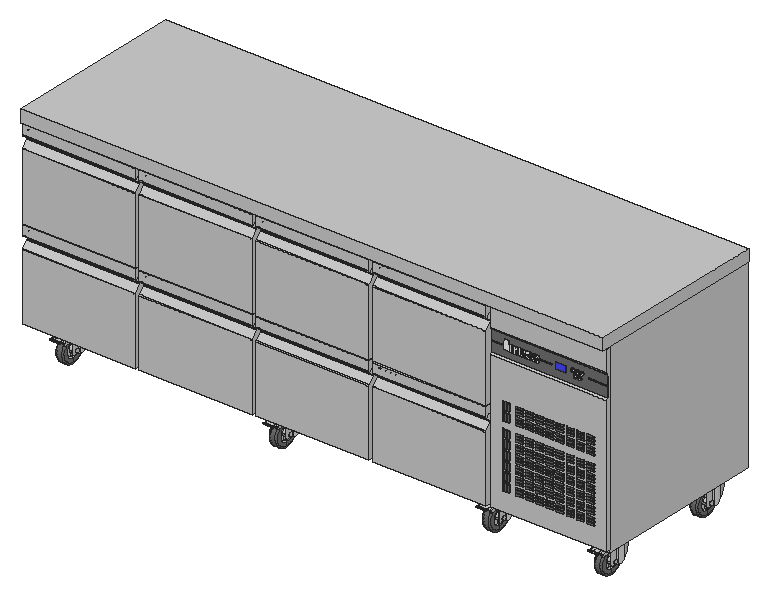
Revit family "QF_INOMAK_PNRP9999_250611031516", category Specialty Equipment, Revit 2021
Family settings
  Round Connector Dimension = Use Diameter
  Part Type = Normal
  OmniClass Number = 23.40.40.14
  OmniClass Title = Food Service Equipment
  Work Plane-Based = No
  Always vertical = Yes
  Cut with Voids When Loaded = No
  Shared = No
  Room Calculation Point = No
Parameters (values of type "PNRP9999")
  Weight [instance] = 162.00 kg
  Warranty Start Date [instance] = ""
  Warranty Duration [instance] = ""
  Volts [instance] = 230 V
  Volt Free Conn [instance] = no
  URL Recommended Spares List [instance] = ""
  URL Manufacturer [instance] = ""
  URL Cutsheet [instance] = ""
  URL Critical Spares List [instance] = ""
  URL = "www.inomak.com"
  Technical Documentation [instance] = ""
  Tag Number [instance] = ""
  Status [instance] = ""
  Start Up Current [instance] = 0 A
  Specification by User [instance] = ""
  Specification by Manufacturer [instance] = ""
  Sound Level [instance] = ""
  Show Logo [instance] = yes
  Show Clearances [instance] = yes
  Service Life Duration [instance] = ""
  Serial Number [instance] = ""
  Seismic Rating [instance] = ""
  SMACNA No [instance] = ""
  Revision Code [instance] = ""
  Revision [instance] = ""
  Production Year [instance] = ""
  Potential Equalisation [instance] = no
  Point Load [instance] = 0
  Phase [instance] = 1
  Other Equipment Approvals [instance] = ""
  Operational Current [instance] = 0 A
  Number of Poles [instance] = 2
  No Load Power Draw [instance] = no
  NAFEM Spec ID Number [instance] = ""
  Model Warning [instance] = ""
  Model = "PNRP9999"
  Min Ckt Ampacity [instance] = 0 A
  Max Overcurrent Protection [instance] = 10 A
  Masterspec [instance] = ""
  Manufacturer = "INOMAK"
  Main switch integrated [instance] = no
  Length Actual [instance] = 2242 mm
  Item Number [instance] = ""
  Installed By [instance] = ""
  Installation Date [instance] = ""
  Identify Quantity as Lot [instance] = no
  ID [instance] = ""
  Hygiene Approval [instance] = ""
  Height Actual [instance] = 900 mm
  HP power [instance] = ""
  Furnished By [instance] = ""
  Foodservice Equipment Identifier [instance] = no
  FL Amps [instance] = 1.94 A
  Electrical Remarks [instance] = ""
  Electric power [instance] = 450 W
  Electric Connection Type [instance] = ""
  Elec Conn RI Height [instance] = 0 mm
  Elec Conn Connection Height [instance] = 0 mm
  ETL Approved [instance] = no
  Description = "PINE REFRIGERATED COUNTER WITH 4 GN 1/1 DOORS"
  Depth Actual [instance] = 700 mm
  Default Elevation = 0 mm
  Cycle [instance] = 50 Hz
  Cost = 0
  Connection to energy optimisation system [instance] = yes
  Conn Plug [instance] = ""
  Conn Conduit [instance] = no
  Centralized building control system with digital interface [instance] = ""
  CSI MasterFormat [instance] = ""
  CE Approved [instance] = no
  Barcode [instance] = 0
  Author [instance] = ""
  Asset Identifier [instance] = ""
  Apparent Power [instance] = 450 VA
  Accessory [instance] = no
Reference planes
  plane 1 "Center (Front/Back)": y = 0
  plane 2: z = 0
  plane 3 "Center (Left/Right)": x = 0
Forms (mm)
  Extrusion 1, solid, not visible
    sketch origin (1835.09, -100.005, 132.006) x (1, 0, 0) y (0, 1, 0)
      loop
        line (-2, 2) -> (-2, -2) -> (2, -2) -> (2, 2) -> (-2, 2)
    from -2 to 2
Dimensions and locks
  locked: nested 2 to Extrusion 1 at 2  (x2)
  aligned and locked: level to plane 2
Nested families
  nested 1: "QF_INOMAK_REF_COUNTERS_2240_2920" at (0, 0, 130), type "PNRP9999"
    with Weight 162.00 kg, Warranty Start Date "", Warranty Duration "", URL Cutsheet "", Technical Documentation "", Tag Number "", Status "", Specification by User "", Specification by Manufacturer "", Sound Level "", Solid Fuel Type "", Show Clearances yes, Show Clearance yes, Service Life Duration "", Serial Number "", Seismic Rating "", SMACNA No "", Revision Code "", Revision "", Production Year "", Point Load 0, Other Equipment Approvals "", NAFEM Spec ID Number "", Model Warning "", Masterspec "", Length Actual 2242 mm, Item Number "", Installed By "", Installation Date "", Identify Quantity as Lot yes, ID "", Hygiene Approval "", Height Actual 900 mm, Furnished By "", Foodservice Equipment Identifier yes, Finish none, ETL Approved yes, Depth Actual 700 mm, CSI MasterFormat "", CE Approved yes, Barcode "", Author "", Asset Identifier "", Accessory no
  nested 2: "CONN_POINT_ELE_2D___Generic_Annotation" at (1835.09, -100.005, 130.006), type "CONN_POINT_ELE_2D___Generic_Annotation"
    with Onboard connection annotation symbol visibility yes
  nested 3: "QF_INOMAK_REF_COUNTERS_DOORS_DRAWERS_6956" at (0, -700, 130), type "DW-2-710"
    with Weight 0.00 kg, Warranty Start Date "", Warranty Duration "", URL Cutsheet "", Top inset 10 mm, Technical Documentation "", Tag Number "", Status "", Specification by User "", Specification by Manufacturer "", Sound Level "", Solid Fuel Type "", Show Logo yes, Show Clearances yes, Service Life Duration "", Serial Number "", Seismic Rating "", SMACNA No "", Right panel thickness 0 mm, Revision Code "", Revision "", Rear inset 0 mm, Production Year "", Point Load 0, Plinth height 0 mm, Other Equipment Approvals "", NAFEM Spec ID Number "", Model Warning "", Masterspec "", Length Actual 435 mm, Left panel thickness 0 mm, Item Number "", Installed By "", Installation Date "", Identify Quantity as Lot yes, ID "", Hygiene Approval "", Height Actual 710 mm, Furnished By "", Front inset 10 mm, Foodservice Equipment Identifier yes, Finish none, ETL Approved yes, Doors drawers type 4, Depth Actual 80 mm, CSI MasterFormat "", CE Approved yes, Bottom inset 10 mm, Barcode "", Author "", Asset Identifier "", Accessory yes
  nested 4: "QF_INOMAK_REF_COUNTERS_DOORS_DRAWERS_16448" at (450, -700, 130), type "DW-2-710"
    with Weight 0.00 kg, Warranty Start Date "", Warranty Duration "", URL Cutsheet "", Top inset 10 mm, Technical Documentation "", Tag Number "", Status "", Specification by User "", Specification by Manufacturer "", Sound Level "", Solid Fuel Type "", Show Logo yes, Show Clearances yes, Service Life Duration "", Serial Number "", Seismic Rating "", SMACNA No "", Right panel thickness 0 mm, Revision Code "", Revision "", Rear inset 0 mm, Production Year "", Point Load 0, Plinth height 0 mm, Other Equipment Approvals "", NAFEM Spec ID Number "", Model Warning "", Masterspec "", Length Actual 435 mm, Left panel thickness 0 mm, Item Number "", Installed By "", Installation Date "", Identify Quantity as Lot yes, ID "", Hygiene Approval "", Height Actual 710 mm, Furnished By "", Front inset 10 mm, Foodservice Equipment Identifier yes, Finish none, ETL Approved yes, Doors drawers type 4, Depth Actual 80 mm, CSI MasterFormat "", CE Approved yes, Bottom inset 10 mm, Barcode "", Author "", Asset Identifier "", Accessory yes
  nested 5: "QF_INOMAK_REF_COUNTERS_DOORS_DRAWERS_25919" at (900, -700, 130), type "DW-2-710"
    with Weight 0.00 kg, Warranty Start Date "", Warranty Duration "", URL Cutsheet "", Top inset 10 mm, Technical Documentation "", Tag Number "", Status "", Specification by User "", Specification by Manufacturer "", Sound Level "", Solid Fuel Type "", Show Logo yes, Show Clearances yes, Service Life Duration "", Serial Number "", Seismic Rating "", SMACNA No "", Right panel thickness 0 mm, Revision Code "", Revision "", Rear inset 0 mm, Production Year "", Point Load 0, Plinth height 0 mm, Other Equipment Approvals "", NAFEM Spec ID Number "", Model Warning "", Masterspec "", Length Actual 435 mm, Left panel thickness 0 mm, Item Number "", Installed By "", Installation Date "", Identify Quantity as Lot yes, ID "", Hygiene Approval "", Height Actual 710 mm, Furnished By "", Front inset 10 mm, Foodservice Equipment Identifier yes, Finish none, ETL Approved yes, Doors drawers type 4, Depth Actual 80 mm, CSI MasterFormat "", CE Approved yes, Bottom inset 10 mm, Barcode "", Author "", Asset Identifier "", Accessory yes
  nested 6: "QF_INOMAK_REF_COUNTERS_DOORS_DRAWERS_35390" at (1350, -700, 130), type "DW-2-710"
    with Weight 0.00 kg, Warranty Start Date "", Warranty Duration "", URL Cutsheet "", Top inset 10 mm, Technical Documentation "", Tag Number "", Status "", Specification by User "", Specification by Manufacturer "", Sound Level "", Solid Fuel Type "", Show Logo yes, Show Clearances yes, Service Life Duration "", Serial Number "", Seismic Rating "", SMACNA No "", Right panel thickness 0 mm, Revision Code "", Revision "", Rear inset 0 mm, Production Year "", Point Load 0, Plinth height 0 mm, Other Equipment Approvals "", NAFEM Spec ID Number "", Model Warning "", Masterspec "", Length Actual 435 mm, Left panel thickness 0 mm, Item Number "", Installed By "", Installation Date "", Identify Quantity as Lot yes, ID "", Hygiene Approval "", Height Actual 710 mm, Furnished By "", Front inset 10 mm, Foodservice Equipment Identifier yes, Finish none, ETL Approved yes, Doors drawers type 4, Depth Actual 80 mm, CSI MasterFormat "", CE Approved yes, Bottom inset 10 mm, Barcode "", Author "", Asset Identifier "", Accessory yes
  nested 7: "QF_INOMAK_REF_COUNTERS_WORKTOPS_44861" at (0, 0, 840), type "WTWT-2240-700"
    with Worktop without backsplash yes, Worktop with backsplash no, Worktop type 3, Worktop thickness 46 mm, Without worktop no, Weight 0.00 kg, Warranty Start Date "", Warranty Duration "", URL Cutsheet "", Technical Documentation "", Tag Number "", Status "", Specification by User "", Specification by Manufacturer "", Sound Level "", Solid Fuel Type "", Show Logo yes, Show Clearances yes, Service Life Duration "", Serial Number "", Seismic Rating "", SMACNA No "", Revision Code "", Revision "", Production Year "", Point Load 0, Other Equipment Approvals "", NAFEM Spec ID Number "", Model Warning "", Masterspec "", Length Actual 2242 mm, Item Number "", Installed By "", Installation Date "", Identify Quantity as Lot yes, ID "", Hygiene Approval "", Height Actual 46 mm, Height AFF 0 mm, Furnished By "", Foodservice Equipment Identifier yes, Finish none, ETL Approved yes, Depth Actual 700 mm, CSI MasterFormat "", CE Approved yes, Barcode "", Backsplash thickness 20 mm, Backsplash height 60 mm, Author "", Asset Identifier "", Accessory yes
  nested 8: "QF_INOMAK_REF_COUNTERS_CASTORS_46688" at (0, 0, 0), type "CT-2240-700"
    with Weight 0.00 kg, Warranty Start Date "", Warranty Duration "", URL Cutsheet "", Technical Documentation "", Tag Number "", Status "", Specification by User "", Specification by Manufacturer "", Sound Level "", Solid Fuel Type "", Show Logo yes, Show Clearances yes, Service Life Duration "", Serial Number "", Seismic Rating "", SMACNA No "", Revision Code "", Revision "", Production Year "", Point Load 0, Other Equipment Approvals "", NAFEM Spec ID Number "", Model Warning "", Masterspec "", Length Actual 2242 mm, Item Number "", Installed By "", Installation Date "", Identify Quantity as Lot yes, ID "", Hygiene Approval "", Height Actual 130 mm, Furnished By "", Foodservice Equipment Identifier yes, ETL Approved yes, Depth Actual 700 mm, CSI MasterFormat "", CE Approved yes, Barcode "", Author "", Asset Identifier "", Accessory yes
Connectors
  electrical at (1835.09, -100.005, 130.006), driven by "Apparent Power", driven by "Number of Poles", driven by "Volts"
    settings: on Extrusion 1, index 1, voltage 230 V, apparent load 0 VA, apparent load phase1 450 VA, apparent load phase2 0 VA, apparent load phase3 0 VA, power factor 1, load classification "Other", number of poles 2, system type 31, power factor state 1, is connector primary yes, connector utility no, sub classification motor no, connector description "Electrical connection for PNRP9999"
Definition of nested family "QF_INOMAK_REF_COUNTERS_2240_2920"
  Parameters (values of type "PNRP9999")
    Weight [instance] = 0.00 kg
    Warranty Start Date [instance] = ""
    Warranty Duration [instance] = ""
    URL Cutsheet [instance] = ""
    URL = "www.inomak.com"
    Technical Documentation [instance] = ""
    Tag Number [instance] = ""
    Status [instance] = ""
    Specification by User [instance] = ""
    Specification by Manufacturer [instance] = ""
    Sound Level [instance] = ""
    Solid Fuel Type [instance] = ""
    Show Logo = yes
    Show Clearances [instance] = yes
    Show Clearance [instance] = yes
    Service Life Duration [instance] = ""
    Serial Number [instance] = ""
    Seismic Rating [instance] = ""
    SMACNA No [instance] = ""
    Revision Code [instance] = ""
    Revision [instance] = ""
    Production Year [instance] = ""
    Point Load [instance] = 0
    Other Equipment Approvals [instance] = ""
    NAFEM Spec ID Number [instance] = ""
    Model Warning [instance] = ""
    Model = "PNRP9999"
    Masterspec [instance] = ""
    Manufacturer = "INOMAK"
    Length Actual [instance] = 0 mm
    Length = 2242 mm
    Item Number [instance] = ""
    Installed By [instance] = ""
    Installation Date [instance] = ""
    Identify Quantity as Lot [instance] = yes
    ID [instance] = ""
    Hygiene Approval [instance] = ""
    Height Actual [instance] = 0 mm
    Height = 710 mm
    Furnished By [instance] = ""
    Foodservice Equipment Identifier [instance] = yes
    Finish [instance] = none
    ETL Approved [instance] = yes
    Description = "PINE REFRIGERATED COUNTER WITH 4 GN 1/1 DOORS"
    Depth Actual [instance] = 0 mm
    Depth = 700 mm
    Default Elevation = 0 mm
    CSI MasterFormat [instance] = ""
    CE Approved [instance] = yes
    Barcode [instance] = ""
    Author [instance] = ""
    Asset Identifier [instance] = ""
    Assembly Code = "E1090320"
    Accessory [instance] = yes
  Types (2, lengths in mm): name | Model | Description | Depth
    PNRP9999 | "PNRP9999" | "PINE REFRIGERATED COUNTER WITH 4 GN 1/1 DOORS" | 700
    PMRP9999 | "PMRP9999" | "CLOVER CHILLER COUNTER WITH 4 DOORS, COMPACT DIMENSIONS" | 600
  Reference planes
    plane 1 "Back": y = 0
    plane 2: z = 0
    plane 3 "Left": x = 0
    plane 4 "Right": x = 2242
    plane 5 "Front": y = -700
    plane 6 "Top": z = 710
  Forms (mm)
    Extrusion 1, solid, material <- "Finish"
      sketch origin (0, 0, 0) x (1, 0, 0) y (0, 1, 0)
        loop
          line (0, -648) -> (30, -648) -> (30, -30) -> (1767, -30) -> (1767, -648) -> (1797, -648) -> (1797, -665) -> (2242, -665) -> (2242, 0) -> (0, 0) -> (0, -648)
      from 0 to 710
    Extrusion 2, solid, material <- "Finish"
      sketch origin (0, 0, 0) x (1, 0, 0) y (0, 1, 0)
        loop
          line (30, -30) -> (30, -648) -> (1767, -648) -> (1767, -30) -> (30, -30)
      from 0 to 45
    Extrusion 3, solid, material <- "Finish"
      sketch origin (0, 0, 710) x (0, 1, 0) y (-1, 0, 0)
        loop
          line (-30, -30) -> (-648, -30) -> (-648, -1767) -> (-30, -1767) -> (-30, -30)
      from 0 to -30
    Extrusion 4, solid, material <- "Finish"
      sketch origin (2242, 0, 0) x (0, -1, 0) y (0, 0, 1)
        loop
          line (683.05, 705) -> (665, 705) -> (665, 10) -> (683.05, 10) -> (683.05, 532.058) -> (676.05, 539.058) -> (676.05, 618.864) -> (683.05, 625.864) -> (683.05, 705)
      from 0 to 445
    Extrusion 5, solid
      sketch origin (0, -700, 0) x (-1, 0, 0) y (0, 0, 1)
        loop
          circle (-2108.654, 586.73) r 6.965
        loop
          circle (-2125.685, 586.73) r 6.965
        loop
          circle (-2142.694, 586.73) r 6.965
        loop
          circle (-2117.18, 568.729) r 6.965
        loop
          circle (-2134.189, 568.729) r 6.965
        loop
          circle (-2108.654, 586.73) r 3.965
        loop
          circle (-2125.685, 586.73) r 3.965
        loop
          circle (-2142.694, 586.73) r 3.965
        loop
          circle (-2117.18, 568.729) r 3.965
        loop
          circle (-2134.189, 568.729) r 3.965
      from 23 to 25.5
    Extrusion 6, solid
      sketch origin (0, -700, 0) x (-1, 0, 0) y (0, 0, 1)
        loop
          line (-2080.865, 590.461) -> (-2080.865, 567.461) -> (-2040.865, 567.461) -> (-2040.865, 590.461) -> (-2080.865, 590.461)
      from 23 to 25.5
    Extrusion 7, solid
      sketch origin (0, -700, 0) x (-1, 0, 0) y (0, 0, 1)
        loop
          line (-1797, 618.864) -> (-2242, 618.864) -> (-2242, 539.058) -> (-1797, 539.058) -> (-1797, 618.864)
      from 23.5 to 25.5
    Extrusion 8, solid, visible <- "Show Logo"
      sketch origin (0, -700, 0) x (-1, 0, 0) y (0, 0, 1)
        loop
          line (-1841.061, 591.01) -> (-1847.061, 591.01) -> (-1847.061, 602.118) -> (-1861.298, 602.118) -> (-1861.298, 591.01) -> (-1867.298, 591.01) -> (-1867.298, 564.76) -> (-1841.061, 564.76) -> (-1841.061, 591.01)
        loop
          line (-1871.613, 590.698) -> (-1878.903, 590.698) -> (-1878.903, 564.76) -> (-1871.613, 564.76) -> (-1871.613, 590.698)
        loop
          line (-1881.422, 564.76) -> (-1881.422, 590.698) -> (-1888.256, 590.698) -> (-1891.449, 578.78) -> (-1891.449, 590.698) -> (-1897.982, 590.698) -> (-1897.982, 564.76) -> (-1891.449, 564.76) -> (-1887.735, 578.623) -> (-1887.735, 564.76) -> (-1881.422, 564.76)
        loop
          line (-1918.664, 564.76) -> (-1918.664, 590.698) -> (-1927.626, 590.698) -> (-1929.988, 576.688) -> (-1932.35, 590.698) -> (-1941.312, 590.698) -> (-1941.312, 564.76) -> (-1934.687, 564.76) -> (-1934.687, 578.623) -> (-1932.35, 564.76) -> (-1927.626, 564.76) -> (-1925.289, 578.623) -> (-1925.289, 564.76) -> (-1918.664, 564.76)
        loop
          line (-1903.851, 590.698) -> (-1913.176, 590.698)
          arc (-1913.176, 590.698) -> (-1915.773, 589.622) -> (-1916.849, 587.026) r 3.672
          line (-1916.849, 587.026) -> (-1916.849, 568.433)
          arc (-1916.849, 568.433) -> (-1915.773, 565.836) -> (-1913.176, 564.76) r 3.672
          line (-1913.176, 564.76) -> (-1903.851, 564.76)
          arc (-1903.851, 564.76) -> (-1901.255, 565.836) -> (-1900.179, 568.433) r 3.672
          line (-1900.179, 568.433) -> (-1900.179, 587.026)
          arc (-1900.179, 587.026) -> (-1901.255, 589.622) -> (-1903.851, 590.698) r 3.672
        loop
          arc (-1907.487, 587.542) -> (-1908.514, 588.569) -> (-1909.541, 587.542) r 1.027
          line (-1909.541, 587.542) -> (-1909.541, 568.949)
          arc (-1909.541, 568.949) -> (-1908.514, 567.922) -> (-1907.487, 568.949) r 1.027
          line (-1907.487, 568.949) -> (-1907.487, 587.542)
        loop
          line (-1942.382, 564.76) -> (-1946.755, 590.698) -> (-1955.615, 590.698) -> (-1959.988, 564.76) -> (-1953.461, 564.76) -> (-1952.852, 569.723) -> (-1949.518, 569.723) -> (-1948.909, 564.76) -> (-1942.382, 564.76)
        loop
          line (-1950.074, 574.252) -> (-1951.185, 583.299) -> (-1952.296, 574.252) -> (-1950.074, 574.252)
        loop
          line (-1960.954, 564.76) -> (-1960.954, 590.698) -> (-1967.579, 590.698) -> (-1967.579, 581.585) -> (-1970.365, 590.698) -> (-1977.803, 590.698) -> (-1973.474, 579.422) -> (-1978.522, 564.76) -> (-1970.939, 564.76) -> (-1967.579, 577.3) -> (-1967.579, 564.76) -> (-1960.954, 564.76)
      from 23 to 25.5
    Extrusion 9, solid
      sketch origin (0, -700, 0) x (-1, 0, 0) y (0, 0, 1)
        loop
          line (-1797, 580.961) -> (-1833.995, 580.961) -> (-1833.995, 576.961) -> (-1797, 576.961) -> (-1797, 580.961)
        loop
          line (-1982, 580.961) -> (-2026.365, 580.961) -> (-2026.365, 576.961) -> (-1982, 576.961) -> (-1982, 580.961)
        loop
          line (-2242, 580.961) -> (-2242, 576.961) -> (-2168.755, 576.961) -> (-2168.755, 580.961) -> (-2242, 580.961)
      from 23 to 25.5
  Cuts and joins
    joined: Extrusion 1, Extrusion 2, Extrusion 3
  Lines and regions (mm)
    symbolic lines, visible <- "Show Clearance"
      curve 1: line (0, 0, 0) -> (2242, 0, 0)
      curve 2: line (2242, 0, 0) -> (2242, -700, 0)
      curve 3: line (2242, -700, 0) -> (0, -700, 0)
      curve 4: line (0, -700, 0) -> (0, 0, 0)
  Dimensions and locks
    "Length": plane 3 "Left" to plane 4 "Right"
    "Depth": plane 5 "Front" to plane 1 "Back"
    "Height": plane 6 "Top" to plane 2
    aligned and locked: level to plane 2
    aligned and locked: plane 6 "Top" to Extrusion 1
    aligned and locked: nested 1 to plane 4 "Right"
    aligned and locked: plane 5 "Front" to nested 1
    aligned and locked: plane 5 "Front" to curve 3
  Automatic sketch dimensions
    plane 3 "Left" to Extrusion 2 sketch curve = 30 mm
    plane 4 "Right" to Extrusion 2 sketch curve = 475 mm
    plane 1 "Back" to Extrusion 2 sketch curve = 30 mm
    plane 1 "Back" to Extrusion 3 sketch curve = 30 mm
    plane 4 "Right" to Extrusion 3 sketch curve = 475 mm
    plane 3 "Left" to Extrusion 3 sketch curve = 30 mm
    Extrusion 1 sketch curve to plane 3 "Left" = 0 mm
    plane 1 "Back" to Extrusion 1 sketch curve = 0 mm
    Extrusion 1 sketch curve to plane 4 "Right" = 0 mm
    plane 3 "Left" to Extrusion 1 sketch curve = 30 mm
    plane 1 "Back" to Extrusion 1 sketch curve = 30 mm
    plane 4 "Right" to Extrusion 1 sketch curve = 475 mm
    Extrusion 1 sketch curve to Extrusion 1 sketch curve = 30 mm
    plane 5 "Front" to Extrusion 1 sketch curve = 35 mm
    plane 5 "Front" to Extrusion 1 sketch curve = 52 mm
    Extrusion 1 sketch curve to Extrusion 1 sketch curve = 17 mm
    plane 5 "Front" to Extrusion 2 sketch curve = 52 mm
    plane 5 "Front" to Extrusion 3 sketch curve = 52 mm
    Extrusion 4 sketch curve to plane 6 "Top" = 5 mm
    plane 5 "Front" to Extrusion 4 sketch curve = 35 mm
    plane 5 "Front" to Extrusion 4 sketch curve = 23.95 mm
    Extrusion 4 sketch curve to Extrusion 4 sketch curve = 7 mm  (x4)
    Extrusion 4 sketch curve to Extrusion 4 sketch curve = 79.136 mm
    Extrusion 4 sketch curve to Extrusion 4 sketch curve = 79.807 mm
    level to Extrusion 4 sketch curve = 10 mm
    Extrusion 5 sketch curve to Extrusion 5 sketch curve = 0 mm  (x13)
    plane 4 "Right" to Extrusion 5 sketch curve = 99.306 mm
    Extrusion 5 sketch curve to Extrusion 5 sketch curve = 8.505 mm
    Extrusion 5 sketch curve to Extrusion 5 sketch curve = 17.009 mm  (x2)
    Extrusion 5 sketch curve to Extrusion 5 sketch curve = 17.03 mm
    Extrusion 5 sketch curve to plane 6 "Top" = 141.271 mm
    Extrusion 5 sketch curve to Extrusion 5 sketch curve = 18.001 mm
    plane 4 "Right" to Extrusion 6 sketch curve = 161.135 mm
    Extrusion 6 sketch curve to Extrusion 6 sketch curve = 40 mm
    Extrusion 6 sketch curve to plane 6 "Top" = 142.539 mm
    Extrusion 6 sketch curve to Extrusion 6 sketch curve = 23 mm
    plane 4 "Right" to Extrusion 7 sketch curve = 0 mm
    Extrusion 7 sketch curve to plane 6 "Top" = 170.942 mm
    plane 4 "Right" to Extrusion 7 sketch curve = 445 mm
    Extrusion 7 sketch curve to Extrusion 7 sketch curve = 79.807 mm
    plane 4 "Right" to Extrusion 8 sketch curve = 263.478 mm
    Extrusion 8 sketch curve to Extrusion 8 sketch curve = 0.72 mm
    Extrusion 8 sketch curve to plane 6 "Top" = 130.578 mm
    Extrusion 8 sketch curve to Extrusion 8 sketch curve = 4.329 mm
    Extrusion 8 sketch curve to Extrusion 8 sketch curve = 7.584 mm
    Extrusion 8 sketch curve to plane 6 "Top" = 119.302 mm  (x2)
    Extrusion 8 sketch curve to Extrusion 8 sketch curve = 7.438 mm
    Extrusion 8 sketch curve to plane 6 "Top" = 132.7 mm
    Extrusion 8 sketch curve to Extrusion 8 sketch curve = 5.895 mm
    Extrusion 8 sketch curve to plane 6 "Top" = 128.415 mm
    Extrusion 8 sketch curve to Extrusion 8 sketch curve = 0 mm  (x11)
    Extrusion 8 sketch curve to Extrusion 8 sketch curve = 6.625 mm  (x2)
    Extrusion 8 sketch curve to Extrusion 8 sketch curve = 0.965 mm
    Extrusion 8 sketch curve to Extrusion 8 sketch curve = 5.338 mm
    Extrusion 8 sketch curve to Extrusion 8 sketch curve = 6.527 mm  (x2)
    Extrusion 8 sketch curve to plane 6 "Top" = 140.277 mm
    Extrusion 8 sketch curve to Extrusion 8 sketch curve = 0.609 mm
    Extrusion 8 sketch curve to plane 6 "Top" = 135.748 mm
    Extrusion 8 sketch curve to Extrusion 8 sketch curve = 0.556 mm
    Extrusion 8 sketch curve to plane 6 "Top" = 126.701 mm
    Extrusion 8 sketch curve to Extrusion 8 sketch curve = 4.43 mm  (x2)
    Extrusion 8 sketch curve to Extrusion 8 sketch curve = 2.222 mm
    Extrusion 8 sketch curve to Extrusion 8 sketch curve = 3.334 mm
    Extrusion 8 sketch curve to Extrusion 8 sketch curve = 4.552 mm
    Extrusion 8 sketch curve to plane 6 "Top" = 145.24 mm  (x2)
    Extrusion 8 sketch curve to Extrusion 8 sketch curve = 1.069 mm
    Extrusion 8 sketch curve to plane 6 "Top" = 131.377 mm  (x2)
    Extrusion 8 sketch curve to Extrusion 8 sketch curve = 8.962 mm  (x2)
    Extrusion 8 sketch curve to Extrusion 8 sketch curve = 2.337 mm
    Extrusion 8 sketch curve to plane 6 "Top" = 133.312 mm
    Extrusion 8 sketch curve to Extrusion 8 sketch curve = 4.699 mm  (x2)
    Extrusion 8 sketch curve to Extrusion 8 sketch curve = 4.724 mm  (x2)
    Extrusion 8 sketch curve to Extrusion 8 sketch curve = 1.815 mm
    Extrusion 8 sketch curve to Extrusion 8 sketch curve = 3.672 mm  (x8)
    Extrusion 8 sketch curve to Extrusion 8 sketch curve = 3.636 mm  (x3)
    Extrusion 8 sketch curve to Extrusion 8 sketch curve = 1.027 mm
    Extrusion 8 sketch curve to Extrusion 8 sketch curve = 2.197 mm
    Extrusion 8 sketch curve to Extrusion 8 sketch curve = 6.532 mm  (x2)
    Extrusion 8 sketch curve to Extrusion 8 sketch curve = 3.194 mm
    Extrusion 8 sketch curve to Extrusion 8 sketch curve = 3.714 mm
    Extrusion 8 sketch curve to Extrusion 8 sketch curve = 6.312 mm
    Extrusion 8 sketch curve to Extrusion 8 sketch curve = 2.52 mm
    Extrusion 8 sketch curve to Extrusion 8 sketch curve = 7.29 mm
    Extrusion 8 sketch curve to Extrusion 8 sketch curve = 4.315 mm
    Extrusion 8 sketch curve to Extrusion 8 sketch curve = 6 mm
    Extrusion 8 sketch curve to Extrusion 8 sketch curve = 14.237 mm
    Extrusion 8 sketch curve to Extrusion 8 sketch curve = 26.237 mm
    Extrusion 8 sketch curve to Extrusion 8 sketch curve = 14.661 mm
    Extrusion 8 sketch curve to Extrusion 8 sketch curve = 4.963 mm
    Extrusion 8 sketch curve to Extrusion 8 sketch curve = 0.516 mm  (x2)
    Extrusion 8 sketch curve to Extrusion 8 sketch curve = 13.862 mm
    Extrusion 8 sketch curve to Extrusion 8 sketch curve = 0.157 mm
    Extrusion 8 sketch curve to Extrusion 8 sketch curve = 26.25 mm
    Extrusion 8 sketch curve to Extrusion 8 sketch curve = 0.312 mm
    Extrusion 8 sketch curve to Extrusion 8 sketch curve = 11.107 mm
    plane 4 "Right" to Extrusion 9 sketch curve = 0 mm
    plane 4 "Right" to Extrusion 9 sketch curve = 73.245 mm
    Extrusion 9 sketch curve to Extrusion 9 sketch curve = 142.39 mm
    Extrusion 9 sketch curve to Extrusion 9 sketch curve = 44.365 mm
    Extrusion 9 sketch curve to Extrusion 9 sketch curve = 148.005 mm
    Extrusion 9 sketch curve to Extrusion 9 sketch curve = 36.995 mm
    Extrusion 9 sketch curve to plane 6 "Top" = 133.039 mm  (x3)
    Extrusion 9 sketch curve to Extrusion 9 sketch curve = 4 mm  (x3)
    plane 1 "Back" to curve 1 = 0 mm
    curve 1 to plane 3 "Left" = 0 mm
    curve 2 to plane 4 "Right" = 0 mm
    radius of Extrusion 5 sketch curve = 6.965 mm  (x5)
    radius of Extrusion 5 sketch curve = 3.965 mm  (x5)
  Nested families
    nested 1: "QF_INOMAK_CONRTOL-PANEL" at (2242, 0, 0), type "PNRP9999"
      with Show Clearance yes
  Definition of nested family "QF_INOMAK_CONRTOL-PANEL"
    Parameters (values of type "PNRP9999")
      URL = ""
      Show Logo = yes
      Show Clearance [instance] = yes
      Model = ""
      Manufacturer = ""
      Length = 0 mm
      Height = 710 mm
      Front offset = 80 mm
      Description = ""
      Depth = 700 mm
      Default Elevation = 0 mm
      Assembly Code = ""
    Reference planes
      plane 1 "Back": y = 0
      plane 2: z = 0
      plane 3 "Left": x = 0
      plane 4 "Right": x = 0
      plane 5 "Front": y = -700
      plane 6 "Top": z = 710
      plane 7 "Front offset": y = -620
    Forms (mm)
      Extrusion 1, solid
        sketch origin (-2240, -700, 0) x (-1, 0, 0) y (0, 0, 1)
          loop
            arc (-2191.4, 389.855) -> (-2194.4, 386.855) -> (-2191.4, 383.855) r 3
            line (-2191.4, 383.855) -> (-2167.4, 383.855)
            arc (-2167.4, 383.855) -> (-2164.4, 386.855) -> (-2167.4, 389.855) r 3
            line (-2167.4, 389.855) -> (-2191.4, 389.855)
          loop
            arc (-2152.4, 389.855) -> (-2155.4, 386.855) -> (-2152.4, 383.855) r 3
            line (-2152.4, 383.855) -> (-2128.4, 383.855)
            arc (-2128.4, 383.855) -> (-2125.4, 386.855) -> (-2128.4, 389.855) r 3
            line (-2128.4, 389.855) -> (-2152.4, 389.855)
          loop
            arc (-2113.4, 389.855) -> (-2116.4, 386.855) -> (-2113.4, 383.855) r 3
            line (-2113.4, 383.855) -> (-2089.4, 383.855)
            arc (-2089.4, 383.855) -> (-2086.4, 386.855) -> (-2089.4, 389.855) r 3
            line (-2089.4, 389.855) -> (-2113.4, 389.855)
          loop
            arc (-2074.4, 389.855) -> (-2077.4, 386.855) -> (-2074.4, 383.855) r 3
            line (-2074.4, 383.855) -> (-2050.4, 383.855)
            arc (-2050.4, 383.855) -> (-2047.4, 386.855) -> (-2050.4, 389.855) r 3
            line (-2050.4, 389.855) -> (-2074.4, 389.855)
          loop
            arc (-2035.4, 389.855) -> (-2038.4, 386.855) -> (-2035.4, 383.855) r 3
            line (-2035.4, 383.855) -> (-2011.4, 383.855)
            arc (-2011.4, 383.855) -> (-2008.4, 386.855) -> (-2011.4, 389.855) r 3
            line (-2011.4, 389.855) -> (-2035.4, 389.855)
          loop
            arc (-1996.4, 389.855) -> (-1999.4, 386.855) -> (-1996.4, 383.855) r 3
            line (-1996.4, 383.855) -> (-1972.4, 383.855)
            arc (-1972.4, 383.855) -> (-1969.4, 386.855) -> (-1972.4, 389.855) r 3
            line (-1972.4, 389.855) -> (-1996.4, 389.855)
          loop
            arc (-1957.4, 389.855) -> (-1960.4, 386.855) -> (-1957.4, 383.855) r 3
            line (-1957.4, 383.855) -> (-1933.4, 383.855)
            arc (-1933.4, 383.855) -> (-1930.4, 386.855) -> (-1933.4, 389.855) r 3
            line (-1933.4, 389.855) -> (-1957.4, 389.855)
          loop
            arc (-1918.4, 389.855) -> (-1921.4, 386.855) -> (-1918.4, 383.855) r 3
            line (-1918.4, 383.855) -> (-1894.4, 383.855)
            arc (-1894.4, 383.855) -> (-1891.4, 386.855) -> (-1894.4, 389.855) r 3
            line (-1894.4, 389.855) -> (-1918.4, 389.855)
          loop
            arc (-2191.4, 378.855) -> (-2194.4, 375.855) -> (-2191.4, 372.855) r 3
            line (-2191.4, 372.855) -> (-2167.4, 372.855)
            arc (-2167.4, 372.855) -> (-2164.4, 375.855) -> (-2167.4, 378.855) r 3
            line (-2167.4, 378.855) -> (-2191.4, 378.855)
          loop
            arc (-2152.4, 378.855) -> (-2155.4, 375.855) -> (-2152.4, 372.855) r 3
            line (-2152.4, 372.855) -> (-2128.4, 372.855)
            arc (-2128.4, 372.855) -> (-2125.4, 375.855) -> (-2128.4, 378.855) r 3
            line (-2128.4, 378.855) -> (-2152.4, 378.855)
          loop
            arc (-2113.4, 378.855) -> (-2116.4, 375.855) -> (-2113.4, 372.855) r 3
            line (-2113.4, 372.855) -> (-2089.4, 372.855)
            arc (-2089.4, 372.855) -> (-2086.4, 375.855) -> (-2089.4, 378.855) r 3
            line (-2089.4, 378.855) -> (-2113.4, 378.855)
          loop
            arc (-2074.4, 378.855) -> (-2077.4, 375.855) -> (-2074.4, 372.855) r 3
            line (-2074.4, 372.855) -> (-2050.4, 372.855)
            arc (-2050.4, 372.855) -> (-2047.4, 375.855) -> (-2050.4, 378.855) r 3
            line (-2050.4, 378.855) -> (-2074.4, 378.855)
          loop
            arc (-2035.4, 378.855) -> (-2038.4, 375.855) -> (-2035.4, 372.855) r 3
            line (-2035.4, 372.855) -> (-2011.4, 372.855)
            arc (-2011.4, 372.855) -> (-2008.4, 375.855) -> (-2011.4, 378.855) r 3
            line (-2011.4, 378.855) -> (-2035.4, 378.855)
          loop
            arc (-1996.4, 378.855) -> (-1999.4, 375.855) -> (-1996.4, 372.855) r 3
            line (-1996.4, 372.855) -> (-1972.4, 372.855)
            arc (-1972.4, 372.855) -> (-1969.4, 375.855) -> (-1972.4, 378.855) r 3
            line (-1972.4, 378.855) -> (-1996.4, 378.855)
          loop
            arc (-1957.4, 378.855) -> (-1960.4, 375.855) -> (-1957.4, 372.855) r 3
            line (-1957.4, 372.855) -> (-1933.4, 372.855)
            arc (-1933.4, 372.855) -> (-1930.4, 375.855) -> (-1933.4, 378.855) r 3
            line (-1933.4, 378.855) -> (-1957.4, 378.855)
          loop
            arc (-1918.4, 378.855) -> (-1921.4, 375.855) -> (-1918.4, 372.855) r 3
            line (-1918.4, 372.855) -> (-1894.4, 372.855)
            arc (-1894.4, 372.855) -> (-1891.4, 375.855) -> (-1894.4, 378.855) r 3
            line (-1894.4, 378.855) -> (-1918.4, 378.855)
          loop
            arc (-2191.4, 367.855) -> (-2194.4, 364.855) -> (-2191.4, 361.855) r 3
            line (-2191.4, 361.855) -> (-2167.4, 361.855)
            arc (-2167.4, 361.855) -> (-2164.4, 364.855) -> (-2167.4, 367.855) r 3
            line (-2167.4, 367.855) -> (-2191.4, 367.855)
          loop
            arc (-2152.4, 367.855) -> (-2155.4, 364.855) -> (-2152.4, 361.855) r 3
            line (-2152.4, 361.855) -> (-2128.4, 361.855)
            arc (-2128.4, 361.855) -> (-2125.4, 364.855) -> (-2128.4, 367.855) r 3
            line (-2128.4, 367.855) -> (-2152.4, 367.855)
          loop
            arc (-2113.4, 367.855) -> (-2116.4, 364.855) -> (-2113.4, 361.855) r 3
            line (-2113.4, 361.855) -> (-2089.4, 361.855)
            arc (-2089.4, 361.855) -> (-2086.4, 364.855) -> (-2089.4, 367.855) r 3
            line (-2089.4, 367.855) -> (-2113.4, 367.855)
          loop
            arc (-2074.4, 367.855) -> (-2077.4, 364.855) -> (-2074.4, 361.855) r 3
            line (-2074.4, 361.855) -> (-2050.4, 361.855)
            arc (-2050.4, 361.855) -> (-2047.4, 364.855) -> (-2050.4, 367.855) r 3
            line (-2050.4, 367.855) -> (-2074.4, 367.855)
          loop
            arc (-2035.4, 367.855) -> (-2038.4, 364.855) -> (-2035.4, 361.855) r 3
            line (-2035.4, 361.855) -> (-2011.4, 361.855)
            arc (-2011.4, 361.855) -> (-2008.4, 364.855) -> (-2011.4, 367.855) r 3
            line (-2011.4, 367.855) -> (-2035.4, 367.855)
          loop
            arc (-1996.4, 367.855) -> (-1999.4, 364.855) -> (-1996.4, 361.855) r 3
            line (-1996.4, 361.855) -> (-1972.4, 361.855)
            arc (-1972.4, 361.855) -> (-1969.4, 364.855) -> (-1972.4, 367.855) r 3
            line (-1972.4, 367.855) -> (-1996.4, 367.855)
          loop
            arc (-1957.4, 367.855) -> (-1960.4, 364.855) -> (-1957.4, 361.855) r 3
            line (-1957.4, 361.855) -> (-1933.4, 361.855)
            arc (-1933.4, 361.855) -> (-1930.4, 364.855) -> (-1933.4, 367.855) r 3
            line (-1933.4, 367.855) -> (-1957.4, 367.855)
          loop
            arc (-1918.4, 367.855) -> (-1921.4, 364.855) -> (-1918.4, 361.855) r 3
            line (-1918.4, 361.855) -> (-1894.4, 361.855)
            arc (-1894.4, 361.855) -> (-1891.4, 364.855) -> (-1894.4, 367.855) r 3
            line (-1894.4, 367.855) -> (-1918.4, 367.855)
          loop
            arc (-2191.4, 352.855) -> (-2194.4, 349.855) -> (-2191.4, 346.855) r 3
            line (-2191.4, 346.855) -> (-2167.4, 346.855)
            arc (-2167.4, 346.855) -> (-2164.4, 349.855) -> (-2167.4, 352.855) r 3
            line (-2167.4, 352.855) -> (-2191.4, 352.855)
          loop
            arc (-2152.4, 352.855) -> (-2155.4, 349.855) -> (-2152.4, 346.855) r 3
            line (-2152.4, 346.855) -> (-2128.4, 346.855)
            arc (-2128.4, 346.855) -> (-2125.4, 349.855) -> (-2128.4, 352.855) r 3
            line (-2128.4, 352.855) -> (-2152.4, 352.855)
          loop
            arc (-2113.4, 352.855) -> (-2116.4, 349.855) -> (-2113.4, 346.855) r 3
            line (-2113.4, 346.855) -> (-2089.4, 346.855)
            arc (-2089.4, 346.855) -> (-2086.4, 349.855) -> (-2089.4, 352.855) r 3
            line (-2089.4, 352.855) -> (-2113.4, 352.855)
          loop
            arc (-2074.4, 352.855) -> (-2077.4, 349.855) -> (-2074.4, 346.855) r 3
            line (-2074.4, 346.855) -> (-2050.4, 346.855)
            arc (-2050.4, 346.855) -> (-2047.4, 349.855) -> (-2050.4, 352.855) r 3
            line (-2050.4, 352.855) -> (-2074.4, 352.855)
          loop
            arc (-2035.4, 352.855) -> (-2038.4, 349.855) -> (-2035.4, 346.855) r 3
            line (-2035.4, 346.855) -> (-2011.4, 346.855)
            arc (-2011.4, 346.855) -> (-2008.4, 349.855) -> (-2011.4, 352.855) r 3
            line (-2011.4, 352.855) -> (-2035.4, 352.855)
          loop
            arc (-1996.4, 352.855) -> (-1999.4, 349.855) -> (-1996.4, 346.855) r 3
            line (-1996.4, 346.855) -> (-1972.4, 346.855)
            arc (-1972.4, 346.855) -> (-1969.4, 349.855) -> (-1972.4, 352.855) r 3
            line (-1972.4, 352.855) -> (-1996.4, 352.855)
          loop
            arc (-1957.4, 352.855) -> (-1960.4, 349.855) -> (-1957.4, 346.855) r 3
            line (-1957.4, 346.855) -> (-1933.4, 346.855)
            arc (-1933.4, 346.855) -> (-1930.4, 349.855) -> (-1933.4, 352.855) r 3
            line (-1933.4, 352.855) -> (-1957.4, 352.855)
          loop
            arc (-1918.4, 352.855) -> (-1921.4, 349.855) -> (-1918.4, 346.855) r 3
            line (-1918.4, 346.855) -> (-1894.4, 346.855)
            arc (-1894.4, 346.855) -> (-1891.4, 349.855) -> (-1894.4, 352.855) r 3
            line (-1894.4, 352.855) -> (-1918.4, 352.855)
          loop
            arc (-2191.4, 341.855) -> (-2194.4, 338.855) -> (-2191.4, 335.855) r 3
            line (-2191.4, 335.855) -> (-2167.4, 335.855)
            arc (-2167.4, 335.855) -> (-2164.4, 338.855) -> (-2167.4, 341.855) r 3
            line (-2167.4, 341.855) -> (-2191.4, 341.855)
          loop
            arc (-2152.4, 341.855) -> (-2155.4, 338.855) -> (-2152.4, 335.855) r 3
            line (-2152.4, 335.855) -> (-2128.4, 335.855)
            arc (-2128.4, 335.855) -> (-2125.4, 338.855) -> (-2128.4, 341.855) r 3
            line (-2128.4, 341.855) -> (-2152.4, 341.855)
          loop
            arc (-2113.4, 341.855) -> (-2116.4, 338.855) -> (-2113.4, 335.855) r 3
            line (-2113.4, 335.855) -> (-2089.4, 335.855)
            arc (-2089.4, 335.855) -> (-2086.4, 338.855) -> (-2089.4, 341.855) r 3
            line (-2089.4, 341.855) -> (-2113.4, 341.855)
          loop
            arc (-2074.4, 341.855) -> (-2077.4, 338.855) -> (-2074.4, 335.855) r 3
            line (-2074.4, 335.855) -> (-2050.4, 335.855)
            arc (-2050.4, 335.855) -> (-2047.4, 338.855) -> (-2050.4, 341.855) r 3
            line (-2050.4, 341.855) -> (-2074.4, 341.855)
          loop
            arc (-2035.4, 341.855) -> (-2038.4, 338.855) -> (-2035.4, 335.855) r 3
            line (-2035.4, 335.855) -> (-2011.4, 335.855)
            arc (-2011.4, 335.855) -> (-2008.4, 338.855) -> (-2011.4, 341.855) r 3
            line (-2011.4, 341.855) -> (-2035.4, 341.855)
          loop
            arc (-1996.4, 341.855) -> (-1999.4, 338.855) -> (-1996.4, 335.855) r 3
            line (-1996.4, 335.855) -> (-1972.4, 335.855)
            arc (-1972.4, 335.855) -> (-1969.4, 338.855) -> (-1972.4, 341.855) r 3
            line (-1972.4, 341.855) -> (-1996.4, 341.855)
          loop
            arc (-1957.4, 341.855) -> (-1960.4, 338.855) -> (-1957.4, 335.855) r 3
            line (-1957.4, 335.855) -> (-1933.4, 335.855)
            arc (-1933.4, 335.855) -> (-1930.4, 338.855) -> (-1933.4, 341.855) r 3
            line (-1933.4, 341.855) -> (-1957.4, 341.855)
          loop
            arc (-1918.4, 341.855) -> (-1921.4, 338.855) -> (-1918.4, 335.855) r 3
            line (-1918.4, 335.855) -> (-1894.4, 335.855)
            arc (-1894.4, 335.855) -> (-1891.4, 338.855) -> (-1894.4, 341.855) r 3
            line (-1894.4, 341.855) -> (-1918.4, 341.855)
          loop
            arc (-2191.4, 330.855) -> (-2194.4, 327.855) -> (-2191.4, 324.855) r 3
            line (-2191.4, 324.855) -> (-2167.4, 324.855)
            arc (-2167.4, 324.855) -> (-2164.4, 327.855) -> (-2167.4, 330.855) r 3
            line (-2167.4, 330.855) -> (-2191.4, 330.855)
          loop
            arc (-2152.4, 330.855) -> (-2155.4, 327.855) -> (-2152.4, 324.855) r 3
            line (-2152.4, 324.855) -> (-2128.4, 324.855)
            arc (-2128.4, 324.855) -> (-2125.4, 327.855) -> (-2128.4, 330.855) r 3
            line (-2128.4, 330.855) -> (-2152.4, 330.855)
          loop
            arc (-2113.4, 330.855) -> (-2116.4, 327.855) -> (-2113.4, 324.855) r 3
            line (-2113.4, 324.855) -> (-2089.4, 324.855)
            arc (-2089.4, 324.855) -> (-2086.4, 327.855) -> (-2089.4, 330.855) r 3
            line (-2089.4, 330.855) -> (-2113.4, 330.855)
          loop
            arc (-2074.4, 330.855) -> (-2077.4, 327.855) -> (-2074.4, 324.855) r 3
            line (-2074.4, 324.855) -> (-2050.4, 324.855)
            arc (-2050.4, 324.855) -> (-2047.4, 327.855) -> (-2050.4, 330.855) r 3
            line (-2050.4, 330.855) -> (-2074.4, 330.855)
          loop
            arc (-2035.4, 330.855) -> (-2038.4, 327.855) -> (-2035.4, 324.855) r 3
            line (-2035.4, 324.855) -> (-2011.4, 324.855)
            arc (-2011.4, 324.855) -> (-2008.4, 327.855) -> (-2011.4, 330.855) r 3
            line (-2011.4, 330.855) -> (-2035.4, 330.855)
          loop
            arc (-1996.4, 330.855) -> (-1999.4, 327.855) -> (-1996.4, 324.855) r 3
            line (-1996.4, 324.855) -> (-1972.4, 324.855)
            arc (-1972.4, 324.855) -> (-1969.4, 327.855) -> (-1972.4, 330.855) r 3
            line (-1972.4, 330.855) -> (-1996.4, 330.855)
          loop
            arc (-1957.4, 330.855) -> (-1960.4, 327.855) -> (-1957.4, 324.855) r 3
            line (-1957.4, 324.855) -> (-1933.4, 324.855)
            arc (-1933.4, 324.855) -> (-1930.4, 327.855) -> (-1933.4, 330.855) r 3
            line (-1933.4, 330.855) -> (-1957.4, 330.855)
          loop
            arc (-1918.4, 330.855) -> (-1921.4, 327.855) -> (-1918.4, 324.855) r 3
            line (-1918.4, 324.855) -> (-1894.4, 324.855)
            arc (-1894.4, 324.855) -> (-1891.4, 327.855) -> (-1894.4, 330.855) r 3
            line (-1894.4, 330.855) -> (-1918.4, 330.855)
          loop
            arc (-2191.4, 295.855) -> (-2194.4, 292.855) -> (-2191.4, 289.855) r 3
            line (-2191.4, 289.855) -> (-2167.4, 289.855)
            arc (-2167.4, 289.855) -> (-2164.4, 292.855) -> (-2167.4, 295.855) r 3
            line (-2167.4, 295.855) -> (-2191.4, 295.855)
          loop
            arc (-2152.4, 295.855) -> (-2155.4, 292.855) -> (-2152.4, 289.855) r 3
            line (-2152.4, 289.855) -> (-2128.4, 289.855)
            arc (-2128.4, 289.855) -> (-2125.4, 292.855) -> (-2128.4, 295.855) r 3
            line (-2128.4, 295.855) -> (-2152.4, 295.855)
          loop
            arc (-2113.4, 295.855) -> (-2116.4, 292.855) -> (-2113.4, 289.855) r 3
            line (-2113.4, 289.855) -> (-2089.4, 289.855)
            arc (-2089.4, 289.855) -> (-2086.4, 292.855) -> (-2089.4, 295.855) r 3
            line (-2089.4, 295.855) -> (-2113.4, 295.855)
          loop
            arc (-2074.4, 295.855) -> (-2077.4, 292.855) -> (-2074.4, 289.855) r 3
            line (-2074.4, 289.855) -> (-2050.4, 289.855)
            arc (-2050.4, 289.855) -> (-2047.4, 292.855) -> (-2050.4, 295.855) r 3
            line (-2050.4, 295.855) -> (-2074.4, 295.855)
          loop
            arc (-2035.4, 295.855) -> (-2038.4, 292.855) -> (-2035.4, 289.855) r 3
            line (-2035.4, 289.855) -> (-2011.4, 289.855)
            arc (-2011.4, 289.855) -> (-2008.4, 292.855) -> (-2011.4, 295.855) r 3
            line (-2011.4, 295.855) -> (-2035.4, 295.855)
          loop
            arc (-1996.4, 295.855) -> (-1999.4, 292.855) -> (-1996.4, 289.855) r 3
            line (-1996.4, 289.855) -> (-1972.4, 289.855)
            arc (-1972.4, 289.855) -> (-1969.4, 292.855) -> (-1972.4, 295.855) r 3
            line (-1972.4, 295.855) -> (-1996.4, 295.855)
          loop
            arc (-1957.4, 295.855) -> (-1960.4, 292.855) -> (-1957.4, 289.855) r 3
            line (-1957.4, 289.855) -> (-1933.4, 289.855)
            arc (-1933.4, 289.855) -> (-1930.4, 292.855) -> (-1933.4, 295.855) r 3
            line (-1933.4, 295.855) -> (-1957.4, 295.855)
          loop
            arc (-1918.4, 295.855) -> (-1921.4, 292.855) -> (-1918.4, 289.855) r 3
            line (-1918.4, 289.855) -> (-1894.4, 289.855)
            arc (-1894.4, 289.855) -> (-1891.4, 292.855) -> (-1894.4, 295.855) r 3
            line (-1894.4, 295.855) -> (-1918.4, 295.855)
          loop
            arc (-2191.4, 284.855) -> (-2194.4, 281.855) -> (-2191.4, 278.855) r 3
            line (-2191.4, 278.855) -> (-2167.4, 278.855)
            arc (-2167.4, 278.855) -> (-2164.4, 281.855) -> (-2167.4, 284.855) r 3
            line (-2167.4, 284.855) -> (-2191.4, 284.855)
          loop
            arc (-2152.4, 284.855) -> (-2155.4, 281.855) -> (-2152.4, 278.855) r 3
            line (-2152.4, 278.855) -> (-2128.4, 278.855)
            arc (-2128.4, 278.855) -> (-2125.4, 281.855) -> (-2128.4, 284.855) r 3
            line (-2128.4, 284.855) -> (-2152.4, 284.855)
          loop
            arc (-2113.4, 284.855) -> (-2116.4, 281.855) -> (-2113.4, 278.855) r 3
            line (-2113.4, 278.855) -> (-2089.4, 278.855)
            arc (-2089.4, 278.855) -> (-2086.4, 281.855) -> (-2089.4, 284.855) r 3
            line (-2089.4, 284.855) -> (-2113.4, 284.855)
          loop
            arc (-2074.4, 284.855) -> (-2077.4, 281.855) -> (-2074.4, 278.855) r 3
            line (-2074.4, 278.855) -> (-2050.4, 278.855)
            arc (-2050.4, 278.855) -> (-2047.4, 281.855) -> (-2050.4, 284.855) r 3
            line (-2050.4, 284.855) -> (-2074.4, 284.855)
          loop
            arc (-2035.4, 284.855) -> (-2038.4, 281.855) -> (-2035.4, 278.855) r 3
            line (-2035.4, 278.855) -> (-2011.4, 278.855)
            arc (-2011.4, 278.855) -> (-2008.4, 281.855) -> (-2011.4, 284.855) r 3
            line (-2011.4, 284.855) -> (-2035.4, 284.855)
          loop
            arc (-1996.4, 284.855) -> (-1999.4, 281.855) -> (-1996.4, 278.855) r 3
            line (-1996.4, 278.855) -> (-1972.4, 278.855)
            arc (-1972.4, 278.855) -> (-1969.4, 281.855) -> (-1972.4, 284.855) r 3
            line (-1972.4, 284.855) -> (-1996.4, 284.855)
          loop
            arc (-1957.4, 284.855) -> (-1960.4, 281.855) -> (-1957.4, 278.855) r 3
            line (-1957.4, 278.855) -> (-1933.4, 278.855)
            arc (-1933.4, 278.855) -> (-1930.4, 281.855) -> (-1933.4, 284.855) r 3
            line (-1933.4, 284.855) -> (-1957.4, 284.855)
          loop
            arc (-1918.4, 284.855) -> (-1921.4, 281.855) -> (-1918.4, 278.855) r 3
            line (-1918.4, 278.855) -> (-1894.4, 278.855)
            arc (-1894.4, 278.855) -> (-1891.4, 281.855) -> (-1894.4, 284.855) r 3
            line (-1894.4, 284.855) -> (-1918.4, 284.855)
          loop
            arc (-2191.4, 273.855) -> (-2194.4, 270.855) -> (-2191.4, 267.855) r 3
            line (-2191.4, 267.855) -> (-2167.4, 267.855)
            arc (-2167.4, 267.855) -> (-2164.4, 270.855) -> (-2167.4, 273.855) r 3
            line (-2167.4, 273.855) -> (-2191.4, 273.855)
          loop
            arc (-2152.4, 273.855) -> (-2155.4, 270.855) -> (-2152.4, 267.855) r 3
            line (-2152.4, 267.855) -> (-2128.4, 267.855)
            arc (-2128.4, 267.855) -> (-2125.4, 270.855) -> (-2128.4, 273.855) r 3
            line (-2128.4, 273.855) -> (-2152.4, 273.855)
          loop
            arc (-2113.4, 273.855) -> (-2116.4, 270.855) -> (-2113.4, 267.855) r 3
            line (-2113.4, 267.855) -> (-2089.4, 267.855)
            arc (-2089.4, 267.855) -> (-2086.4, 270.855) -> (-2089.4, 273.855) r 3
            line (-2089.4, 273.855) -> (-2113.4, 273.855)
          loop
            arc (-2074.4, 273.855) -> (-2077.4, 270.855) -> (-2074.4, 267.855) r 3
            line (-2074.4, 267.855) -> (-2050.4, 267.855)
            arc (-2050.4, 267.855) -> (-2047.4, 270.855) -> (-2050.4, 273.855) r 3
            line (-2050.4, 273.855) -> (-2074.4, 273.855)
          loop
            arc (-2035.4, 273.855) -> (-2038.4, 270.855) -> (-2035.4, 267.855) r 3
            line (-2035.4, 267.855) -> (-2011.4, 267.855)
            arc (-2011.4, 267.855) -> (-2008.4, 270.855) -> (-2011.4, 273.855) r 3
            line (-2011.4, 273.855) -> (-2035.4, 273.855)
          loop
            arc (-1996.4, 273.855) -> (-1999.4, 270.855) -> (-1996.4, 267.855) r 3
            line (-1996.4, 267.855) -> (-1972.4, 267.855)
            arc (-1972.4, 267.855) -> (-1969.4, 270.855) -> (-1972.4, 273.855) r 3
            line (-1972.4, 273.855) -> (-1996.4, 273.855)
          loop
            arc (-1957.4, 273.855) -> (-1960.4, 270.855) -> (-1957.4, 267.855) r 3
            line (-1957.4, 267.855) -> (-1933.4, 267.855)
            arc (-1933.4, 267.855) -> (-1930.4, 270.855) -> (-1933.4, 273.855) r 3
            line (-1933.4, 273.855) -> (-1957.4, 273.855)
          loop
            arc (-1918.4, 273.855) -> (-1921.4, 270.855) -> (-1918.4, 267.855) r 3
            line (-1918.4, 267.855) -> (-1894.4, 267.855)
            arc (-1894.4, 267.855) -> (-1891.4, 270.855) -> (-1894.4, 273.855) r 3
            line (-1894.4, 273.855) -> (-1918.4, 273.855)
          loop
            arc (-2191.4, 258.855) -> (-2194.4, 255.855) -> (-2191.4, 252.855) r 3
            line (-2191.4, 252.855) -> (-2167.4, 252.855)
            arc (-2167.4, 252.855) -> (-2164.4, 255.855) -> (-2167.4, 258.855) r 3
            line (-2167.4, 258.855) -> (-2191.4, 258.855)
          loop
            arc (-2152.4, 258.855) -> (-2155.4, 255.855) -> (-2152.4, 252.855) r 3
            line (-2152.4, 252.855) -> (-2128.4, 252.855)
            arc (-2128.4, 252.855) -> (-2125.4, 255.855) -> (-2128.4, 258.855) r 3
            line (-2128.4, 258.855) -> (-2152.4, 258.855)
          loop
            arc (-2113.4, 258.855) -> (-2116.4, 255.855) -> (-2113.4, 252.855) r 3
            line (-2113.4, 252.855) -> (-2089.4, 252.855)
            arc (-2089.4, 252.855) -> (-2086.4, 255.855) -> (-2089.4, 258.855) r 3
            line (-2089.4, 258.855) -> (-2113.4, 258.855)
          loop
            arc (-2074.4, 258.855) -> (-2077.4, 255.855) -> (-2074.4, 252.855) r 3
            line (-2074.4, 252.855) -> (-2050.4, 252.855)
            arc (-2050.4, 252.855) -> (-2047.4, 255.855) -> (-2050.4, 258.855) r 3
            line (-2050.4, 258.855) -> (-2074.4, 258.855)
          loop
            arc (-2035.4, 258.855) -> (-2038.4, 255.855) -> (-2035.4, 252.855) r 3
            line (-2035.4, 252.855) -> (-2011.4, 252.855)
            arc (-2011.4, 252.855) -> (-2008.4, 255.855) -> (-2011.4, 258.855) r 3
            line (-2011.4, 258.855) -> (-2035.4, 258.855)
          loop
            arc (-1996.4, 258.855) -> (-1999.4, 255.855) -> (-1996.4, 252.855) r 3
            line (-1996.4, 252.855) -> (-1972.4, 252.855)
            arc (-1972.4, 252.855) -> (-1969.4, 255.855) -> (-1972.4, 258.855) r 3
            line (-1972.4, 258.855) -> (-1996.4, 258.855)
          loop
            arc (-1957.4, 258.855) -> (-1960.4, 255.855) -> (-1957.4, 252.855) r 3
            line (-1957.4, 252.855) -> (-1933.4, 252.855)
            arc (-1933.4, 252.855) -> (-1930.4, 255.855) -> (-1933.4, 258.855) r 3
            line (-1933.4, 258.855) -> (-1957.4, 258.855)
          loop
            arc (-1918.4, 258.855) -> (-1921.4, 255.855) -> (-1918.4, 252.855) r 3
            line (-1918.4, 252.855) -> (-1894.4, 252.855)
            arc (-1894.4, 252.855) -> (-1891.4, 255.855) -> (-1894.4, 258.855) r 3
            line (-1894.4, 258.855) -> (-1918.4, 258.855)
          loop
            arc (-2191.4, 247.855) -> (-2194.4, 244.855) -> (-2191.4, 241.855) r 3
            line (-2191.4, 241.855) -> (-2167.4, 241.855)
            arc (-2167.4, 241.855) -> (-2164.4, 244.855) -> (-2167.4, 247.855) r 3
            line (-2167.4, 247.855) -> (-2191.4, 247.855)
          loop
            arc (-2152.4, 247.855) -> (-2155.4, 244.855) -> (-2152.4, 241.855) r 3
            line (-2152.4, 241.855) -> (-2128.4, 241.855)
            arc (-2128.4, 241.855) -> (-2125.4, 244.855) -> (-2128.4, 247.855) r 3
            line (-2128.4, 247.855) -> (-2152.4, 247.855)
          loop
            arc (-2113.4, 247.855) -> (-2116.4, 244.855) -> (-2113.4, 241.855) r 3
            line (-2113.4, 241.855) -> (-2089.4, 241.855)
            arc (-2089.4, 241.855) -> (-2086.4, 244.855) -> (-2089.4, 247.855) r 3
            line (-2089.4, 247.855) -> (-2113.4, 247.855)
          loop
            arc (-2074.4, 247.855) -> (-2077.4, 244.855) -> (-2074.4, 241.855) r 3
            line (-2074.4, 241.855) -> (-2050.4, 241.855)
            arc (-2050.4, 241.855) -> (-2047.4, 244.855) -> (-2050.4, 247.855) r 3
            line (-2050.4, 247.855) -> (-2074.4, 247.855)
          loop
            arc (-2035.4, 247.855) -> (-2038.4, 244.855) -> (-2035.4, 241.855) r 3
            line (-2035.4, 241.855) -> (-2011.4, 241.855)
            arc (-2011.4, 241.855) -> (-2008.4, 244.855) -> (-2011.4, 247.855) r 3
            line (-2011.4, 247.855) -> (-2035.4, 247.855)
          loop
            arc (-1996.4, 247.855) -> (-1999.4, 244.855) -> (-1996.4, 241.855) r 3
            line (-1996.4, 241.855) -> (-1972.4, 241.855)
            arc (-1972.4, 241.855) -> (-1969.4, 244.855) -> (-1972.4, 247.855) r 3
            line (-1972.4, 247.855) -> (-1996.4, 247.855)
          loop
            arc (-1957.4, 247.855) -> (-1960.4, 244.855) -> (-1957.4, 241.855) r 3
            line (-1957.4, 241.855) -> (-1933.4, 241.855)
            arc (-1933.4, 241.855) -> (-1930.4, 244.855) -> (-1933.4, 247.855) r 3
            line (-1933.4, 247.855) -> (-1957.4, 247.855)
          loop
            arc (-1918.4, 247.855) -> (-1921.4, 244.855) -> (-1918.4, 241.855) r 3
            line (-1918.4, 241.855) -> (-1894.4, 241.855)
            arc (-1894.4, 241.855) -> (-1891.4, 244.855) -> (-1894.4, 247.855) r 3
            line (-1894.4, 247.855) -> (-1918.4, 247.855)
          loop
            arc (-2191.4, 236.855) -> (-2194.4, 233.855) -> (-2191.4, 230.855) r 3
            line (-2191.4, 230.855) -> (-2167.4, 230.855)
            arc (-2167.4, 230.855) -> (-2164.4, 233.855) -> (-2167.4, 236.855) r 3
            line (-2167.4, 236.855) -> (-2191.4, 236.855)
          loop
            arc (-2152.4, 236.855) -> (-2155.4, 233.855) -> (-2152.4, 230.855) r 3
            line (-2152.4, 230.855) -> (-2128.4, 230.855)
            arc (-2128.4, 230.855) -> (-2125.4, 233.855) -> (-2128.4, 236.855) r 3
            line (-2128.4, 236.855) -> (-2152.4, 236.855)
          loop
            arc (-2113.4, 236.855) -> (-2116.4, 233.855) -> (-2113.4, 230.855) r 3
            line (-2113.4, 230.855) -> (-2089.4, 230.855)
            arc (-2089.4, 230.855) -> (-2086.4, 233.855) -> (-2089.4, 236.855) r 3
            line (-2089.4, 236.855) -> (-2113.4, 236.855)
          loop
            arc (-2074.4, 236.855) -> (-2077.4, 233.855) -> (-2074.4, 230.855) r 3
            line (-2074.4, 230.855) -> (-2050.4, 230.855)
            arc (-2050.4, 230.855) -> (-2047.4, 233.855) -> (-2050.4, 236.855) r 3
            line (-2050.4, 236.855) -> (-2074.4, 236.855)
          loop
            arc (-2035.4, 236.855) -> (-2038.4, 233.855) -> (-2035.4, 230.855) r 3
            line (-2035.4, 230.855) -> (-2011.4, 230.855)
            arc (-2011.4, 230.855) -> (-2008.4, 233.855) -> (-2011.4, 236.855) r 3
            line (-2011.4, 236.855) -> (-2035.4, 236.855)
          loop
            arc (-1996.4, 236.855) -> (-1999.4, 233.855) -> (-1996.4, 230.855) r 3
            line (-1996.4, 230.855) -> (-1972.4, 230.855)
            arc (-1972.4, 230.855) -> (-1969.4, 233.855) -> (-1972.4, 236.855) r 3
            line (-1972.4, 236.855) -> (-1996.4, 236.855)
          loop
            arc (-1957.4, 236.855) -> (-1960.4, 233.855) -> (-1957.4, 230.855) r 3
            line (-1957.4, 230.855) -> (-1933.4, 230.855)
            arc (-1933.4, 230.855) -> (-1930.4, 233.855) -> (-1933.4, 236.855) r 3
            line (-1933.4, 236.855) -> (-1957.4, 236.855)
          loop
            arc (-1918.4, 236.855) -> (-1921.4, 233.855) -> (-1918.4, 230.855) r 3
            line (-1918.4, 230.855) -> (-1894.4, 230.855)
            arc (-1894.4, 230.855) -> (-1891.4, 233.855) -> (-1894.4, 236.855) r 3
            line (-1894.4, 236.855) -> (-1918.4, 236.855)
          loop
            arc (-2191.4, 221.855) -> (-2194.4, 218.855) -> (-2191.4, 215.855) r 3
            line (-2191.4, 215.855) -> (-2167.4, 215.855)
            arc (-2167.4, 215.855) -> (-2164.4, 218.855) -> (-2167.4, 221.855) r 3
            line (-2167.4, 221.855) -> (-2191.4, 221.855)
          loop
            arc (-2152.4, 221.855) -> (-2155.4, 218.855) -> (-2152.4, 215.855) r 3
            line (-2152.4, 215.855) -> (-2128.4, 215.855)
            arc (-2128.4, 215.855) -> (-2125.4, 218.855) -> (-2128.4, 221.855) r 3
            line (-2128.4, 221.855) -> (-2152.4, 221.855)
          loop
            arc (-2113.4, 221.855) -> (-2116.4, 218.855) -> (-2113.4, 215.855) r 3
            line (-2113.4, 215.855) -> (-2089.4, 215.855)
            arc (-2089.4, 215.855) -> (-2086.4, 218.855) -> (-2089.4, 221.855) r 3
            line (-2089.4, 221.855) -> (-2113.4, 221.855)
          loop
            arc (-2074.4, 221.855) -> (-2077.4, 218.855) -> (-2074.4, 215.855) r 3
            line (-2074.4, 215.855) -> (-2050.4, 215.855)
            arc (-2050.4, 215.855) -> (-2047.4, 218.855) -> (-2050.4, 221.855) r 3
            line (-2050.4, 221.855) -> (-2074.4, 221.855)
          loop
            arc (-2035.4, 221.855) -> (-2038.4, 218.855) -> (-2035.4, 215.855) r 3
            line (-2035.4, 215.855) -> (-2011.4, 215.855)
            arc (-2011.4, 215.855) -> (-2008.4, 218.855) -> (-2011.4, 221.855) r 3
            line (-2011.4, 221.855) -> (-2035.4, 221.855)
          loop
            arc (-1996.4, 221.855) -> (-1999.4, 218.855) -> (-1996.4, 215.855) r 3
            line (-1996.4, 215.855) -> (-1972.4, 215.855)
            arc (-1972.4, 215.855) -> (-1969.4, 218.855) -> (-1972.4, 221.855) r 3
            line (-1972.4, 221.855) -> (-1996.4, 221.855)
          loop
            arc (-1957.4, 221.855) -> (-1960.4, 218.855) -> (-1957.4, 215.855) r 3
            line (-1957.4, 215.855) -> (-1933.4, 215.855)
            arc (-1933.4, 215.855) -> (-1930.4, 218.855) -> (-1933.4, 221.855) r 3
            line (-1933.4, 221.855) -> (-1957.4, 221.855)
          loop
            arc (-1918.4, 221.855) -> (-1921.4, 218.855) -> (-1918.4, 215.855) r 3
            line (-1918.4, 215.855) -> (-1894.4, 215.855)
            arc (-1894.4, 215.855) -> (-1891.4, 218.855) -> (-1894.4, 221.855) r 3
            line (-1894.4, 221.855) -> (-1918.4, 221.855)
          loop
            arc (-2191.4, 210.855) -> (-2194.4, 207.855) -> (-2191.4, 204.855) r 3
            line (-2191.4, 204.855) -> (-2167.4, 204.855)
            arc (-2167.4, 204.855) -> (-2164.4, 207.855) -> (-2167.4, 210.855) r 3
            line (-2167.4, 210.855) -> (-2191.4, 210.855)
